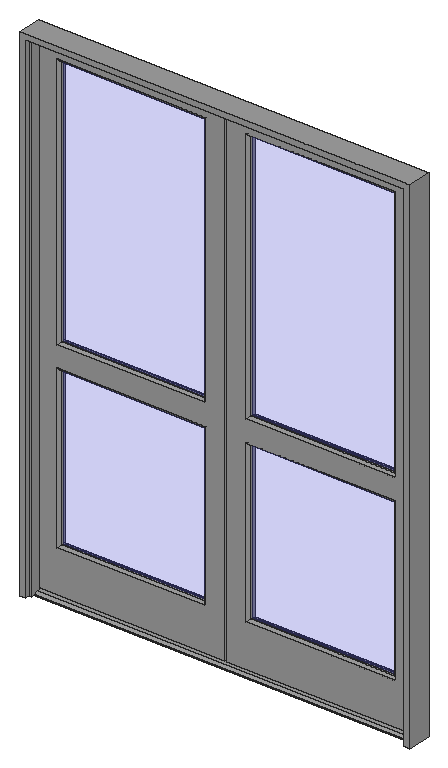
Revit family "MS-375 DOOR-Double-VIP-0.25-CW_v04", category Curtain Panels, Revit 2015
Parameters
  Width [instance] = 5' - 6"
  VIP2 Panic Devices [instance] = not(VIP1 Panic Devices)  # yes
  URL = "obe.com"
  Rough Width = 6' - 0"
  Panel Width [instance] = Min Panel Width  # 6' - 0"
  Panel Offset [instance] = 0' - 0"
  Offset [instance] = 0' - 0"
  Model = "MS-375-DOOR"
  Min Rough Width = if(Rough Width > 6' 1 255/256", Rough Width, 6' 2")  # 6' - 2"
  Min Panel Width = if(Rough Width > 6' 1 255/256", Rough Width - 0' 2", 6' 0")  # 6' - 0"
  Manufacturer = "Oldcastle BuildingEnvelope®"
  Keynote = "08 11 00"
  Hinge [instance] = yes
  Height [instance] = 8' - 0"
  Pushbar Height [instance] = 3' - 5 1/4"  # constant formula
  Glass Material = Glass
  Frame Material = Aluminum
  Door Panel Height [instance] = Height - 0' 0 5/8"  # 7' - 11 3/8"
  Description = "MS-375 - 1/4\" Door Infill"
  Assembly Code = "B2030"
  Analytic Construction = "<None>"
  VIP1 Panic Devices [instance] = no
  10 Bottom Rail [instance] = not([8 Bottom Rail])  # no
  8 Bottom Rail [instance] = yes
Reference planes (in)
  plane 1 "Front": y = 0
  plane 2: z = 0
  plane 3 "Center (Left/Right)": x = 0
  plane 4 "Left": x = -33
  plane 5 "Right": x = 33
  plane 6 "Top": z = 96
  plane 7 "Offset": y = 0
  plane 8: y = -1.28244
  plane 9: y = -1.28244
  plane 10: x = -37
  plane 11: x = 37
Forms (in)
  Sweep 1, solid, material "Aluminum" <- "Frame Material"
    path origin (0, 0, 0) x (-1, 0, 0) y (0, 0, 1)
      loop
        line (37, 0) -> (37, 96)
    profile origin (-37, 0, 48) x (1, 0, 0) y (0, 1, 0)
      loop
        line (1, -1.97) -> (1, 0) -> (0, 0) -> (0, -4.5) -> (1, -4.5) -> (1, -3.595) -> (1.5, -3.595) -> (1.5, -1.97) -> (1, -1.97)
  Sweep 2, solid, material "Aluminum" <- "Frame Material"
    path origin (0, 0, 0) x (-1, 0, 0) y (0, 0, 1)
      loop
        line (-37, 0) -> (-37, 96)
    profile origin (37, 0, 48) x (1, 0, 0) y (0, 1, 0)
      loop
        line (-1, -1.97) -> (-1.5, -1.97) -> (-1.5, -3.595) -> (-1, -3.595) -> (-1, -4.5) -> (0, -4.5) -> (0, 0) -> (-1, 0) -> (-1, -1.97)
  Extrusion 3, solid, material "Aluminum" <- "Frame Material"
    sketch origin (-33, 0, 0) x (0, -1, 0) y (0, 0, 1)
      loop
        line (1.97, 94.5) -> (3.595, 94.5) -> (3.595, 95) -> (4.5, 95) -> (4.5, 96) -> (0, 96) -> (0, 95) -> (1.97, 95) -> (1.97, 94.5)
    from -70 to 4
Cuts and joins
  joined: Sweep 1, Sweep 2, Extrusion 3
Text (in)
  text "Exterior" at (-54.29358, 31.38743, 0), in view "Ref. Level"
  text "Exterior" at (480, 41.53993, 89.60405), in view "Right"
  text "Exterior" at (-240, 57.82419, 105.78864), in view "Left"
Dimensions and locks (in)
  equal spacing: plane 4 "Left", plane 3 "Center (Left/Right)", plane 5 "Right"
  "Width": plane 4 "Left" to plane 5 "Right"
  "Height": plane 6 "Top" to plane 2
  "Offset": plane 1 "Front" to plane 7 "Offset"
  locked: plane 7 "Offset" to plane 8 at 1.28244
  locked: plane 7 "Offset" to plane 9 at 1.28244
  Extrusion 3 sketch curve to Extrusion 3 sketch curve to Extrusion 3 sketch curve = 0' - 0 1/2" locked, 0' - 0" locked
  Extrusion 3 sketch curve to Extrusion 3 sketch curve to Extrusion 3 sketch curve to Extrusion 3 sketch curve = 0' - 1.97" locked, 0' - 1 5/8" locked, 0' - 0.905" locked
  locked: Extrusion 3 sketch curve to Extrusion 3 sketch curve at 1
  equal spacing: plane 10, plane 3 "Center (Left/Right)", plane 11
  "Min Rough Width": plane 10 to plane 11
  aligned and locked: level to plane 2
  aligned and locked: plane 6 "Top" to Sweep 1 sketch curve
  aligned and locked: level to Sweep 1 sketch curve
  aligned and locked: plane 6 "Top" to Sweep 2 sketch curve
  aligned and locked: level to Sweep 2 sketch curve
  aligned and locked: Extrusion 3 to plane 6 "Top"
  aligned and locked: Extrusion 3 sketch curve to plane 6 "Top"
  aligned and locked: plane 3 "Center (Left/Right)" to nested 1
  aligned and locked: nested 1 to plane 7 "Offset"
  aligned and locked: plane 11 to Sweep 2 sketch curve
  aligned and locked: Sweep 1 sketch curve to plane 10
  aligned and locked: cut or joined group of Sweep 1, Sweep 2, Extrusion 3 to plane 11
  aligned and locked: cut or joined group of Sweep 1, Sweep 2, Extrusion 3 to plane 10
Automatic sketch dimensions
  Sweep 1 sketch curve to profile plane = 0' - 0"
  Sweep 1 sketch curve to plane 7 "Offset" = 0' - 0"
  Sweep 1 sketch curve to profile plane = 0' - 1"  (x2)
  Sweep 1 sketch curve to Sweep 1 sketch curve = 0' - 0 1/2"
  Sweep 1 sketch curve to plane 7 "Offset" = 0' - 1.97"
  Sweep 1 sketch curve to Sweep 1 sketch curve = 0' - 1 5/8"
  Sweep 1 sketch curve to Sweep 1 sketch curve = 0' - 0.905"
  Sweep 2 sketch curve to plane 7 "Offset" = 0' - 0"
  Sweep 2 sketch curve to profile plane = 0' - 0"
  profile plane to Sweep 2 sketch curve = 0' - 1"  (x2)
  Sweep 2 sketch curve to Sweep 2 sketch curve = 0' - 0 1/2"
  Sweep 2 sketch curve to plane 7 "Offset" = 0' - 1.97"
  Sweep 2 sketch curve to Sweep 2 sketch curve = 0' - 1 5/8"
  Sweep 2 sketch curve to Sweep 2 sketch curve = 0' - 0.905"
  Extrusion 3 sketch curve to plane 7 "Offset" = 0' - 0"
Nested families (in)
  nested 1: "MS-375 DOOR-Double-VIP-0.25-Panel_v03" at (0, -16, 0), Height <- "Door Panel Height", Hinge <- "Hinge", Frame Material <- "Frame Material", Glass Material <- "Glass Material", Width <- "Min Panel Width", VIP1 Panic Devices <- "VIP1 Panic Devices", 8 Bottom Rail <- "8 Bottom Rail", Offset <- "Panel Offset", type "MS-375 DOOR-Double-VIP-0.25-Panel_v03"
    with Wing Width 3' - 0", built-in parameter 1001301 6' - 0", VIP1 Panic Devices no, Pushbar Height 3' - 5 1/4", Offset 0' - 0", Hinge yes, built-in parameter 1001300 7' - 11 3/8", Glass at Muntin 0' - 4 9/16", Glass Material Glass, Frame Material Aluminum, Bottom Rail 0' - 8 31/32", 8 Bottom Rail yes
Definition of nested family "MS-375 DOOR-Double-VIP-0.25-Panel_v03"
  Parameters (values of type "MS-375 DOOR-Double-VIP-0.25-Panel_v03")
    Wing Width [instance] = Width / 2  # 2' - 6"
    Width [instance] = 5' - 0"
    VIP1 Panic Devices [instance] = yes
    Offset [instance] = 0' - 10.9713"
    Hinge [instance] = yes
    Height [instance] = 9' - 0"
    Glass at Muntin [instance] = if(VIP1 Panic Devices, 0' 8 9/16", 0' 4 9/16")  # 0' - 8 9/16"
    Pushbar Height [instance] = 3' - 5 1/4"  # constant formula
    Glass Material [instance] = none
    Frame Material [instance] = none
    Bottom Rail [instance] = if([8 Bottom Rail], 0' 8 31/32", 0' 10 31/32")  # 0' - 10 31/32"
    8 Bottom Rail [instance] = no
  Reference planes (in)
    plane 1 "00": y = 4.0912
    plane 2: z = 0
    plane 3 "Center (Left/Right)": x = 0
    plane 4: z = 108
    plane 5: x = 30
    plane 6: x = -30
    plane 7 "Center (Front/Back)": y = 16
    plane 8 "Exterior": y = 4.2162
    plane 9: z = 54
    plane 10: z = 92.96875
    plane 11: z = 104.21875
    plane 12: z = 45.53125
    plane 13: z = 36.96875
    plane 14: z = 10.96875
    plane 15 "Offset": y = 5.0287
    plane 16: z = 41.25
  Forms (in)
    Sweep 1, solid, material <- "Frame Material"
      path origin (0, 4.0912, 0) x (1, 0, 0) y (0, 0, 1)
        loop
          line (-29.79434, 108) -> (-0.22004, 108)
      profile origin (-15.00719, 4.0912, 108) x (0, 0, 1) y (0, -1, 0)
        loop
          line (-0.5, -0.875) -> (-0.5, 0.875) -> (-3.49593, 0.875) -> (-4, 0.45204) -> (-4, 0.125) -> (-3.78125, 0.125) -> (-3.78125, -0.125) -> (-4, -0.125) -> (-4, -0.45204) -> (-3.49593, -0.875) -> (-0.5, -0.875)
    Sweep 2, solid, material <- "Frame Material"
      path origin (0, 4.0912, 0) x (1, 0, 0) y (0, 0, 1)
        loop
          line (-0.22004, 0) -> (-29.79434, 0)
      profile origin (-15.00719, 4.0912, 0) x (0, 0, -1) y (0, -1, 0)
        loop
          line (-10.68343, -0.875) -> (-0.6875, -0.875) -> (-0.6875, 0.875) -> (-10.68343, 0.875) -> (-11.1875, 0.45204) -> (-11.1875, 0.125) -> (-10.96875, 0.125) -> (-10.96875, -0.125) -> (-11.1875, -0.125) -> (-11.1875, -0.45204) -> (-10.68343, -0.875)
    Sweep 3, solid, material <- "Frame Material"
      path origin (0, 4.0912, 0) x (1, 0, 0) y (0, 0, 1)
        loop
          line (30, 107.5) -> (30, 0.6875)
      profile origin (30, 4.0912, 54.09375) x (0, -1, 0) y (1, 0, 0)
        loop
          line (0.875, -0.19608) -> (-0.875, -0.08708) -> (-0.875, -3.83189) -> (-0.45204, -4.33596) -> (-0.125, -4.33596) -> (-0.125, -4.11721) -> (0.125, -4.11721) -> (0.125, -4.33596) -> (0.45204, -4.33596) -> (0.875, -3.83189) -> (0.875, -0.19608)
    Sweep 4, solid, material <- "Frame Material"
      path origin (0, 4.0912, 0) x (1, 0, 0) y (0, 0, 1)
        loop
          line (-30, 107.5) -> (-30, 0.6875)
      profile origin (-30, 4.0912, 54.09375) x (0, -1, 0) y (1, 0, 0)
        loop
          line (-0.875, 0.09666) -> (0.875, 0.20566) -> (0.875, 3.84147) -> (0.45204, 4.34554) -> (0.125, 4.34554) -> (0.125, 4.12679) -> (-0.125, 4.12679) -> (-0.125, 4.34554) -> (-0.45204, 4.34554) -> (-0.875, 3.84147) -> (-0.875, 0.09666)
    Sweep 5, solid, material <- "Frame Material"
      path origin (0, 4.0912, 0) x (1, 0, 0) y (0, 0, 1)
        loop
          line (-0.22004, 54) -> (-29.79434, 54)
      profile origin (-15.00719, 4.0912, 54) x (0, 0, -1) y (0, -1, 0)
        loop
          line (8.25, 0.45204) -> (8.25, 0.125) -> (8.46875, 0.125) -> (8.46875, -0.125) -> (8.25, -0.125) -> (8.25, -0.45204) -> (8.75407, -0.875) -> (16.74593, -0.875) -> (17.25, -0.45204) -> (17.25, -0.125) -> (17.03125, -0.125) -> (17.03125, 0.125) -> (17.25, 0.125) -> (17.25, 0.45204) -> (16.74593, 0.875) -> (8.75407, 0.875) -> (8.25, 0.45204)
    Sweep 6, solid, material <- "Frame Material"
      path origin (0, 4.0912, 0) x (1, 0, 0) y (0, 0, 1)
        loop
          line (0, 107.5) -> (0, 0.6875)
      profile origin (0, 4.0912, 54.09375) x (0, -1, 0) y (1, 0, 0)
        loop
          line (-0.875, -0.22004) -> (-0.875, -3.80843) -> (-0.45204, -4.3125) -> (-0.125, -4.3125) -> (-0.125, -4.09375) -> (0.125, -4.09375) -> (0.125, -4.3125) -> (0.45204, -4.3125) -> (0.875, -3.80843) -> (0.875, -0.22004)
          arc (0.875, -0.22004) -> (0, -0.0625) -> (-0.875, -0.22004) r 2.50872
        loop
          arc (-0.875, 0.22004) -> (0, 0.0625) -> (0.875, 0.22004) r 2.50872
          line (0.875, 0.22004) -> (0.875, 3.80843) -> (0.45204, 4.3125) -> (0.125, 4.3125) -> (0.125, 4.09375) -> (-0.125, 4.09375) -> (-0.125, 4.3125) -> (-0.45204, 4.3125) -> (-0.875, 3.80843) -> (-0.875, 0.22004)
    Sweep 7, solid, material <- "Frame Material"
      path origin (0, 4.0912, 0) x (1, 0, 0) y (0, 0, 1)
        loop
          line (0.22004, 108) -> (29.80392, 108)
      profile origin (15.01198, 4.0912, 108) x (0, 0, 1) y (0, -1, 0)
        loop
          line (-0.5, -0.875) -> (-0.5, 0.875) -> (-3.49593, 0.875) -> (-4, 0.45204) -> (-4, 0.125) -> (-3.78125, 0.125) -> (-3.78125, -0.125) -> (-4, -0.125) -> (-4, -0.45204) -> (-3.49593, -0.875) -> (-0.5, -0.875)
    Sweep 8, solid, material <- "Frame Material"
      path origin (0, 4.0912, 0) x (1, 0, 0) y (0, 0, 1)
        loop
          line (29.80392, 54) -> (0.22004, 54)
      profile origin (15.01198, 4.0912, 54) x (0, 0, -1) y (0, -1, 0)
        loop
          line (8.25, 0.45204) -> (8.25, 0.125) -> (8.46875, 0.125) -> (8.46875, -0.125) -> (8.25, -0.125) -> (8.25, -0.45204) -> (8.75407, -0.875) -> (16.74593, -0.875) -> (17.25, -0.45204) -> (17.25, -0.125) -> (17.03125, -0.125) -> (17.03125, 0.125) -> (17.25, 0.125) -> (17.25, 0.45204) -> (16.74593, 0.875) -> (8.75407, 0.875) -> (8.25, 0.45204)
    Sweep 9, solid, material <- "Frame Material"
      path origin (0, 4.0912, 0) x (1, 0, 0) y (0, 0, 1)
        loop
          line (29.80392, 0) -> (0.22004, 0)
      profile origin (15.01198, 4.0912, 0) x (0, 0, -1) y (0, -1, 0)
        loop
          line (-10.68343, -0.875) -> (-0.6875, -0.875) -> (-0.6875, 0.875) -> (-10.68343, 0.875) -> (-11.1875, 0.45204) -> (-11.1875, 0.125) -> (-10.96875, 0.125) -> (-10.96875, -0.125) -> (-11.1875, -0.125) -> (-11.1875, -0.45204) -> (-10.68343, -0.875)
    Extrusion 10, solid, material <- "Glass Material"
      sketch origin (0, 0, 0) x (1, 0, 0) y (0, 1, 0)
        loop
          line (-25.87209, 4.2162) -> (-25.87209, 3.9662) -> (-4.09375, 3.9662) -> (-4.09375, 4.2162) -> (-25.87209, 4.2162)
      from 10.96875 to 36.96875
    Extrusion 11, solid, material <- "Glass Material"
      sketch origin (0, 0, 0) x (1, 0, 0) y (0, 1, 0)
        loop
          line (4.09375, 4.2162) -> (4.09375, 3.9662) -> (25.88167, 3.9662) -> (25.88167, 4.2162) -> (4.09375, 4.2162)
      from 10.96875 to 36.96875
    Extrusion 12, solid, material <- "Glass Material"
      sketch origin (0, 0, 0) x (1, 0, 0) y (0, 1, 0)
        loop
          line (-4.09375, 4.2162) -> (-25.87209, 4.2162) -> (-25.87209, 3.9662) -> (-4.09375, 3.9662) -> (-4.09375, 4.2162)
      from 45.53125 to 104.21875
    Extrusion 13, solid, material <- "Glass Material"
      sketch origin (0, 0, 0) x (1, 0, 0) y (0, 1, 0)
        loop
          line (25.88167, 4.2162) -> (4.09375, 4.2162) -> (4.09375, 3.9662) -> (25.88167, 3.9662) -> (25.88167, 4.2162)
      from 45.53125 to 104.21875
    Sweep 14, solid, material <- "Frame Material"
      path origin (0, 5.0287, 0) x (1, 0, 0) y (0, 0, 1)
        loop
          line (-29.79434, 0) -> (29.80392, 0)
      profile origin (0.00479, 5.0287, 0) x (0, 0, 1) y (0, -1, 0)
        loop
          line (0.5, 2.468) -> (0.19364, 3.125) -> (0, 3.125) -> (0, -0.875) -> (0.19364, -0.875) -> (0.5, -0.218) -> (0.5, 2.468)
  Cuts and joins
    joined: Sweep 1, Sweep 2, Sweep 3, Sweep 4, Sweep 5, Sweep 6, Sweep 7, Sweep 8, Sweep 9
  Lines and regions (in)
    model lines
      curve 1: line (4.09375, 4.2162, 104.21875) -> (25.66404, 4.2162, 54)
      curve 2: line (25.66404, 4.2162, 54) -> (4.09375, 4.2162, 10.96875)
      curve 3: line (-4.09375, 4.2162, 104.21875) -> (-25.87321, 4.2162, 54)
      curve 4: line (-25.87321, 4.2162, 54) -> (-4.09375, 4.2162, 10.96875)
  Dimensions and locks (in)
    "Height": plane 4 to level
    "Width": plane 6 to plane 5
    equal spacing: level, plane 9, plane 4
    locked: Sweep 2 sketch curve to plane 6 at 0.20566
    locked: plane 3 "Center (Left/Right)" to Sweep 2 sketch curve at 0.22004
    locked: Sweep 3 sketch curve to plane 4 at 0.5
    locked: Sweep 4 sketch curve to plane 4 at 0.5
    locked: Sweep 1 sketch curve to plane 6 at 0.20566
    locked: plane 3 "Center (Left/Right)" to Sweep 1 sketch curve at 0.22004
    "Bottom Rail": Sweep 2 sketch curve to level
    Sweep 2 sketch curve to Sweep 2 sketch curve to Sweep 2 sketch curve to Sweep 2 sketch curve to Sweep 2 sketch curve = 0' - 0" locked, 0' - 0 7/32" locked, 0' - 0.28532" locked, 0' - 0" locked
    locked: plane 3 "Center (Left/Right)" to Sweep 5 sketch curve at 0.22004
    locked: Sweep 5 sketch curve to plane 6 at 0.20566
    plane 12 to Sweep 5 sketch curve to Sweep 5 sketch curve = 0' - 0.28532" locked, 0' - 0" locked
    Sweep 5 sketch curve to Sweep 5 sketch curve to Sweep 5 sketch curve to plane 13 to Sweep 5 sketch curve = 0' - 0" locked, 0' - 0.28532" locked, 0' - 0" locked, 0' - 0 7/32" locked
    locked: Sweep 7 sketch curve to plane 3 "Center (Left/Right)" at 0.22004
    locked: plane 5 to Sweep 7 sketch curve at 0.19608
    "Glass at Muntin": plane 12 to plane 13
    plane 12 to Sweep 8 sketch curve to Sweep 8 sketch curve = 0' - 0.28532" locked, 0' - 0" locked
    Sweep 8 sketch curve to Sweep 8 sketch curve to plane 13 to Sweep 8 sketch curve to Sweep 8 sketch curve = 0' - 0" locked, 0' - 0.28532" locked, 0' - 0 7/32" locked, 0' - 0" locked
    locked: plane 5 to Sweep 8 sketch curve at 0.19608
    locked: Sweep 8 sketch curve to plane 3 "Center (Left/Right)" at 0.22004
    Sweep 9 sketch curve to Sweep 9 sketch curve to plane 14 to Sweep 9 sketch curve to Sweep 9 sketch curve = 0' - 0" locked, 0' - 0 7/32" locked, 0' - 0.28532" locked, 0' - 0" locked
    locked: plane 5 to Sweep 9 sketch curve at 0.19608
    locked: Sweep 9 sketch curve to plane 3 "Center (Left/Right)" at 0.22004
    Extrusion 11 sketch curve to plane 1 "00" to Extrusion 11 sketch curve = 0' - 0 1/8" locked, 0' - 0 1/8" locked
    locked: Extrusion 11 sketch curve to plane 5 at 4.11833
    locked: plane 3 "Center (Left/Right)" to Extrusion 11 sketch curve at 4.09375
    Extrusion 10 sketch curve to plane 1 "00" to Extrusion 10 sketch curve = 0' - 0 1/8" locked, 0' - 0 1/8" locked
    locked: plane 6 to Extrusion 10 sketch curve at 4.12791
    locked: Extrusion 10 sketch curve to plane 3 "Center (Left/Right)" at 4.09375
    "Bottom Rail": level to plane 14
    locked: plane 6 to Extrusion 12 sketch curve at 4.12791
    locked: Extrusion 12 sketch curve to plane 3 "Center (Left/Right)" at 4.09375
    Extrusion 12 sketch curve to plane 1 "00" to Extrusion 12 sketch curve = 0' - 0 1/8" locked, 0' - 0 1/8" locked
    locked: plane 4 to plane 11 at 3.78125
    Extrusion 13 sketch curve to plane 1 "00" to Extrusion 13 sketch curve = 0' - 0 1/8" locked, 0' - 0 1/8" locked
    locked: Extrusion 13 sketch curve to plane 5 at 4.11833
    locked: plane 3 "Center (Left/Right)" to Extrusion 13 sketch curve at 4.09375
    locked: plane 4 to Extrusion 13 at 3.78125
    equal spacing: plane 6, plane 3 "Center (Left/Right)", plane 5
    "Offset": plane 15 "Offset" to plane 7 "Center (Front/Back)"
    plane 1 "00" to plane 8 "Exterior" to plane 15 "Offset" = 0' - 0 1/8" locked, 0' - 0 13/16" locked
    equal spacing: plane 13, plane 16, plane 12
    "Pushbar Height": plane 2 to plane 16
    locked: plane 5 to Sweep 14 sketch curve at 0.19608
    locked: Sweep 14 sketch curve to plane 6 at 0.20566
    locked: Sweep 4 sketch curve to plane 2 at 0.6875
    locked: Sweep 6 sketch curve to plane 2 at 0.6875
    locked: Sweep 3 sketch curve to plane 2 at 0.6875
    aligned and locked: plane 2 to level
    aligned and locked: Sweep 1 sketch curve to plane 4
    aligned and locked: Sweep 2 sketch curve to level
    aligned and locked: Sweep 3 sketch curve to plane 5
    aligned and locked: Sweep 4 sketch curve to plane 6
    aligned and locked: Sweep 5 sketch curve to plane 9
    aligned and locked: Sweep 6 sketch curve to plane 3 "Center (Left/Right)"
    aligned and locked: Sweep 9 sketch curve to level
    aligned and locked: Sweep 8 sketch curve to plane 9
    aligned and locked: plane 4 to Sweep 7 sketch curve
    aligned and locked: Extrusion 12 to cut or joined group of Sweep 1, Sweep 2, Sweep 3, Sweep 4, Sweep 5, Sweep 6, Sweep 7, Sweep 8, Sweep 9
    aligned and locked: Extrusion 13 to cut or joined group of Sweep 1, Sweep 2, Sweep 3, Sweep 4, Sweep 5, Sweep 6, Sweep 7, Sweep 8, Sweep 9
    aligned and locked: Extrusion 13 to plane 11
    aligned and locked: Sweep 8 sketch curve to plane 13
    aligned and locked: Extrusion 11 to plane 13
    aligned and locked: plane 12 to Extrusion 13
    aligned and locked: Sweep 7 sketch curve to plane 11
    aligned and locked: plane 14 to Extrusion 11
    aligned and locked: plane 14 to Sweep 9 sketch curve
    aligned and locked: Sweep 1 sketch curve to plane 11
    aligned and locked: Sweep 5 sketch curve to plane 12
    aligned and locked: plane 12 to Extrusion 12
    aligned and locked: Extrusion 10 to plane 13
    aligned and locked: plane 14 to Extrusion 10
    aligned and locked: Extrusion 12 to plane 11
    aligned and locked: cut or joined group of Sweep 1, Sweep 2, Sweep 3, Sweep 4, Sweep 5, Sweep 6, Sweep 7, Sweep 8, Sweep 9 to curve 4  (x2)
    aligned and locked: plane 14 to curve 4
    aligned and locked: plane 9 to curve 4
    aligned and locked: curve 3 to cut or joined group of Sweep 1, Sweep 2, Sweep 3, Sweep 4, Sweep 5, Sweep 6, Sweep 7, Sweep 8, Sweep 9
    aligned and locked: plane 11 to curve 3
    aligned and locked: cut or joined group of Sweep 1, Sweep 2, Sweep 3, Sweep 4, Sweep 5, Sweep 6, Sweep 7, Sweep 8, Sweep 9 to curve 1
    aligned and locked: plane 9 to curve 2
    aligned and locked: cut or joined group of Sweep 1, Sweep 2, Sweep 3, Sweep 4, Sweep 5, Sweep 6, Sweep 7, Sweep 8, Sweep 9 to curve 2
    aligned and locked: plane 14 to curve 2
    aligned and locked: Sweep 14 sketch curve to plane 2
  Automatic sketch dimensions
    plane 1 "00" to Sweep 1 sketch curve = 0' - 0 1/8"
    Sweep 1 sketch curve to plane 1 "00" = 0' - 0.45204"
    Sweep 1 sketch curve to Sweep 1 sketch curve = 0' - 0"
    Sweep 1 sketch curve to Sweep 1 sketch curve = 0' - 0 7/32"
    plane 1 "00" to Sweep 1 sketch curve = 0' - 0 7/8"
    Sweep 1 sketch curve to Sweep 1 sketch curve = 0' - 0.50407"  (x2)
    profile plane to Sweep 1 sketch curve = 0' - 0 1/2"
    Sweep 1 sketch curve to plane 1 "00" = 0' - 0 7/8"
    Sweep 1 sketch curve to plane 1 "00" = 0' - 0 1/8"
    Sweep 1 sketch curve to Sweep 1 sketch curve = 0' - 0.32704"
    Sweep 6 sketch curve to plane 4 = 0' - 0 1/2"
    plane 1 "00" to Sweep 6 sketch curve = 0' - 0"  (x2)
    Sweep 6 sketch curve to plane 1 "00" = 0' - 0 1/8"  (x2)
    Sweep 6 sketch curve to Sweep 6 sketch curve = 0' - 0.32704"  (x4)
    Sweep 6 sketch curve to profile plane = 0' - 0.22004"
    Sweep 6 sketch curve to plane 1 "00" = 0' - 0 7/8"
    Sweep 6 sketch curve to Sweep 6 sketch curve = 0' - 0.42296"  (x3)
    plane 1 "00" to Sweep 6 sketch curve = 0' - 0 1/8"  (x2)
    profile plane to Sweep 6 sketch curve = 0' - 0.22004"
    Sweep 6 sketch curve to Sweep 6 sketch curve = 0' - 3.58839"  (x2)
    Sweep 6 sketch curve to Sweep 6 sketch curve = 0' - 0"  (x2)
    Sweep 6 sketch curve to Sweep 6 sketch curve = 0' - 0.28532"  (x2)
    Sweep 6 sketch curve to Sweep 6 sketch curve = 0' - 1.52253"  (x2)
    Sweep 6 sketch curve to Sweep 6 sketch curve = 0' - 1.74128"  (x4)
    plane 1 "00" to Sweep 7 sketch curve = 0' - 0 1/8"
    Sweep 7 sketch curve to plane 1 "00" = 0' - 0.45204"
    Sweep 7 sketch curve to Sweep 7 sketch curve = 0' - 0"
    Sweep 7 sketch curve to Sweep 7 sketch curve = 0' - 0 7/32"
    plane 1 "00" to Sweep 7 sketch curve = 0' - 0 7/8"
    Sweep 7 sketch curve to Sweep 7 sketch curve = 0' - 0.50407"  (x2)
    profile plane to Sweep 7 sketch curve = 0' - 0 1/2"
    Sweep 7 sketch curve to plane 1 "00" = 0' - 0 7/8"
    Sweep 7 sketch curve to plane 1 "00" = 0' - 0 1/8"
    Sweep 7 sketch curve to Sweep 7 sketch curve = 0' - 0.32704"
    Sweep 8 sketch curve to Sweep 8 sketch curve = 0' - 0 7/32"  (x2)
    Sweep 8 sketch curve to plane 1 "00" = 0' - 0 7/8"
    Sweep 8 sketch curve to plane 1 "00" = 0' - 0.45204"  (x2)
    Sweep 8 sketch curve to plane 1 "00" = 0' - 0 1/8"  (x2)
    plane 1 "00" to Sweep 8 sketch curve = 0' - 0 1/8"  (x2)
    Sweep 8 sketch curve to Sweep 8 sketch curve = 0' - 0.32704"  (x2)
    Sweep 8 sketch curve to Sweep 8 sketch curve = 0' - 0.42296"
    Sweep 8 sketch curve to Sweep 8 sketch curve = 0' - 0.28532"
    Sweep 5 sketch curve to Sweep 5 sketch curve = 0' - 0 7/32"  (x3)
    Sweep 5 sketch curve to plane 1 "00" = 0' - 0 7/8"
    Sweep 5 sketch curve to plane 1 "00" = 0' - 0.45204"  (x2)
    Sweep 5 sketch curve to plane 1 "00" = 0' - 0 1/8"  (x2)
    plane 1 "00" to Sweep 5 sketch curve = 0' - 0 1/8"  (x2)
    Sweep 5 sketch curve to Sweep 5 sketch curve = 0' - 0.32704"  (x2)
    Sweep 5 sketch curve to Sweep 5 sketch curve = 0' - 0.42296"
    profile plane to Sweep 9 sketch curve = 0' - 0 11/16"
    Sweep 9 sketch curve to plane 1 "00" = 0' - 0.45204"
    Sweep 9 sketch curve to plane 1 "00" = 0' - 0 1/8"
    plane 1 "00" to Sweep 9 sketch curve = 0' - 0 1/8"
    Sweep 9 sketch curve to Sweep 9 sketch curve = 0' - 0.32704"
    Sweep 9 sketch curve to Sweep 9 sketch curve = 0' - 0.42296"  (x2)
    Sweep 4 sketch curve to plane 1 "00" = 0' - 0 7/8"
    Sweep 4 sketch curve to plane 1 "00" = 0' - 0.45204"
    Sweep 4 sketch curve to plane 1 "00" = 0' - 0 1/8"
    plane 1 "00" to Sweep 4 sketch curve = 0' - 0 1/8"
    Sweep 4 sketch curve to Sweep 4 sketch curve = 0' - 0.32704"
    Sweep 4 sketch curve to Sweep 4 sketch curve = 0' - 0.42296"
    Sweep 4 sketch curve to profile plane = 0' - 3.84147"
    Sweep 4 sketch curve to Sweep 4 sketch curve = 0' - 0"
    Sweep 4 sketch curve to Sweep 4 sketch curve = 0' - 0.28532"
    Sweep 4 sketch curve to Sweep 4 sketch curve = 0' - 0 7/32"  (x2)
    Sweep 4 sketch curve to profile plane = 0' - 0.20566"
    Sweep 4 sketch curve to profile plane = 0' - 0.09666"
    Sweep 3 sketch curve to plane 1 "00" = 0' - 0 7/8"
    Sweep 3 sketch curve to plane 1 "00" = 0' - 0.45204"
    Sweep 3 sketch curve to plane 1 "00" = 0' - 0 1/8"
    plane 1 "00" to Sweep 3 sketch curve = 0' - 0 1/8"
    Sweep 3 sketch curve to Sweep 3 sketch curve = 0' - 0.32704"
    Sweep 3 sketch curve to Sweep 3 sketch curve = 0' - 0.42296"
    profile plane to Sweep 3 sketch curve = 0' - 4 43/128"
    Sweep 3 sketch curve to Sweep 3 sketch curve = 0' - 0"
    Sweep 3 sketch curve to Sweep 3 sketch curve = 0' - 0 7/32"
    Sweep 3 sketch curve to Sweep 3 sketch curve = 0' - 0.50407"  (x2)
    profile plane to Sweep 3 sketch curve = 0' - 0.08708"
    profile plane to Sweep 3 sketch curve = 0' - 0.19608"
    curve 1 to plane 11 = 0' - 0"
    curve 2 to plane 5 = 0' - 4 43/128"
    Sweep 14 sketch curve to profile plane = 0' - 0.19364"  (x2)
    Sweep 14 sketch curve to plane 15 "Offset" = 0' - 0 7/8"
    Sweep 14 sketch curve to profile plane = 0' - 0"
    Sweep 14 sketch curve to plane 15 "Offset" = 0' - 0.218"
    Sweep 14 sketch curve to Sweep 14 sketch curve = 0' - 2.686"
    Sweep 14 sketch curve to profile plane = 0' - 0 1/2"
    Sweep 14 sketch curve to Sweep 14 sketch curve = 0' - 0.657"
    profile plane to Sweep 2 sketch curve = 0' - 0 11/16"
    Sweep 2 sketch curve to plane 1 "00" = 0' - 0 7/8"
    Sweep 2 sketch curve to plane 1 "00" = 0' - 0.45204"
    Sweep 2 sketch curve to plane 1 "00" = 0' - 0 1/8"
    plane 1 "00" to Sweep 2 sketch curve = 0' - 0 1/8"
    Sweep 2 sketch curve to Sweep 2 sketch curve = 0' - 0.32704"
    Sweep 2 sketch curve to Sweep 2 sketch curve = 0' - 0.42296"
